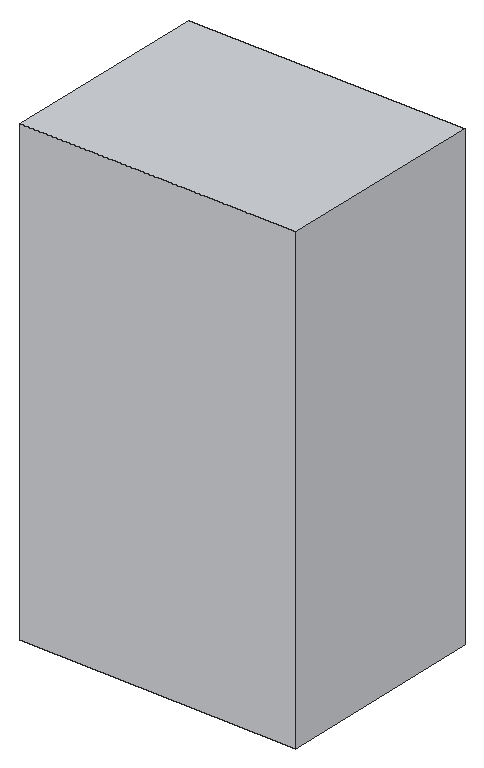
Revit family
Parameters
  Warranty Duration (Years) = 0
  URL = "http://www.americanspecialties.com/viewCategories.cfm"
  Hook [instance] = Metal - Chrome
  Test Data = ""
  Specification = "http://www.arcat.com/sdspecs/htm/10810asi.htm"
  SpecWizard = ""
  Send Message = "http://www.arcat.com/users.pl?action=UserEmail&company=American%20Specialties,%20Inc.&coid=30448&rep=139&fax=914-476-0688&mf="
  Sales Information = "http://www.americanspecialties.com/contact"
  Revision = "R1_10-2010"
  Product Properties = "http://www.americanspecialties.com/datasheets/0740-Z.pdf"
  Product Data = "http://www.arcat.com/arcatcos/cos30/arc30448.html"
  Model = "As Specified in 10 28 13"
  Manufacturer Website = "http://www.americanspecialties.com/viewCategories.cfm"
  Manufacturer Phone - Toll Free = ""
  Manufacturer Phone = "914-476-9000 "
  Manufacturer Fax = "914-476-0688"
  Manufacturer Address = "441 Saw Mill River Rd., Yonkers, NY 10701"
  Manufacturer = "American Specialties, Inc."
  Maintenance Schedule (Months) = 0
  Keynote = "10 28 13"
  Installation-Fabrication = "http://www.americanspecialties.com/products.cfm"
  Green Building-LEED = ""
  Expected Lifespan (Years) = 0
  Bracket [instance] = Metal - Chrome
  Drawn By = "Robert S. Weygant. CSI, CDT, SCIP"  # constant formula
  Description = "Toilet Accessory as Specified in 10 28 13"
  Default Elevation = 4' - 0"
  Copyright = "©Arcat Inc."
  Construction Details = "http://www.arcat.com/green/clients/leed_data_30448.html"
  Building Codes = "http://www.americanspecialties.com/products.cfm"
  Assembly Code = "C1030210"
Reference planes (in)
  plane 1 "Center (Front/Back)": y = -0.29112
  plane 2 "Floor Line": z = 0
  plane 3 "Center (Left/Right)": x = -0.65843
  plane 4: z = 0.3125
  plane 5: x = -1.72093
  plane 6: x = 0.40407
  plane 7: y = 0.42763
  plane 8: y = -1.00987
  plane 9: z = 0.8125
  plane 10: z = 2.125
  plane 11: x = -0.40843
  plane 12: x = -0.90843
Forms (in)
  Extrusion 1, solid
    sketch origin (-3, -9, -6) x (0, 0, -1) y (1, 0, 0)
      loop
        line (-82, 26) -> (-82, -19.34712) -> (-6, -19.34712) -> (-6, 26) -> (-82, 26)
    from 9 to -25.60721
  Extrusion 2, solid, material "Metal - Chrome" <- "Bracket"
    sketch origin (0, -0.29112, 0) x (1, 0, 0) y (0, 0, 1)
      loop
        line (-1.72093, 0) -> (0.40407, 0) -> (0.40407, 0.0625)
        arc (0.40407, 0.0625) -> (0.33084, 0.23928) -> (0.15407, 0.3125) r 0.25
        line (0.15407, 0.3125) -> (-1.47093, 0.3125)
        arc (-1.47093, 0.3125) -> (-1.64771, 0.23928) -> (-1.72093, 0.0625) r 0.25
        line (-1.72093, 0.0625) -> (-1.72093, 0)
    from -0.71875 to 0.71875
  Extrusion 3, solid, material "Metal - Chrome" <- "Hook"
    sketch origin (0, 0, 0) x (1, 0, 0) y (0, 1, 0)
      loop
        line (-0.90843, -1.00987) -> (-0.40843, -1.00987) -> (-0.40843, -0.75987) -> (-0.90843, -0.75987) -> (-0.90843, -1.00987)
    from 0.3125 to 0.8125
  Extrusion 4, solid, material "Metal - Chrome" <- "Hook"
    sketch origin (-0.65843, 0, 0.11076) x (0, 1, 0) y (0, 0, 1)
      loop
        line (-1.00987, 0.70174) -> (-0.75987, 0.70174) -> (-0.87051, 1.92044)
        arc (-0.87051, 1.92044) -> (-0.83362, 1.95479) -> (-0.78435, 1.9654) r 0.09489
        line (-0.78435, 1.9654) -> (-0.76666, 2.00168)
        arc (-0.76666, 2.00168) -> (-0.88565, 1.99669) -> (-0.94734, 1.89483) r 0.12601
        line (-0.94734, 1.89483) -> (-1.00987, 0.70174)
    from -0.25 to 0.25
  Extrusion 5, void
    sketch origin (0, -0.29112, 0) x (1, 0, 0) y (0, 0, 1)
      loop
        arc (-0.90843, 0.3125) -> (-0.84533, 0.55878) -> (-0.82924, 0.8125) r 1.35798
        line (-0.82924, 0.8125) -> (-0.75666, 2.19742) -> (-1.00666, 2.19742) -> (-1.00666, 0.3125) -> (-0.90843, 0.3125)
    from 0.46875 to 0.71875
  Extrusion 6, void
    sketch origin (-1.31687, -0.29112, 0) x (-1, 0, 0) y (0, 0, -1)
      loop
        line (-0.90843, -0.3125) -> (-1.00666, -0.3125) -> (-1.00666, -2.19742) -> (-0.75666, -2.19742) -> (-0.82924, -0.8125)
        arc (-0.82924, -0.8125) -> (-0.84533, -0.55878) -> (-0.90843, -0.3125) r 1.35798
    from 0.46875 to 0.71875
Cuts and joins
  Extrusion 5, Extrusion 6 cuts Extrusion 2
  Extrusion 5, Extrusion 6 cuts Extrusion 3
  Extrusion 5, Extrusion 6 cuts Extrusion 4
Dimensions and locks (in)
  aligned and locked: plane 5 to Extrusion 2 sketch curve
  aligned and locked: Extrusion 2 sketch curve to level
  aligned and locked: plane 6 to Extrusion 2 sketch curve
  aligned and locked: plane 4 to Extrusion 2
  aligned and locked: Extrusion 2 to plane 5
  aligned and locked: Extrusion 2 to plane 7
  aligned and locked: plane 8 to Extrusion 2
  aligned and locked: plane 9 to Extrusion 3
  aligned and locked: Extrusion 3 to plane 4
  aligned and locked: Extrusion 4 to Extrusion 3
  aligned and locked: Extrusion 3 to Extrusion 4
  aligned and locked: Extrusion 4 to plane 9
  aligned and locked: cut or joined group of Extrusion 3, Extrusion 5, Extrusion 6 to plane 11
  aligned and locked: cut or joined group of Extrusion 3, Extrusion 5, Extrusion 6 to plane 12
  aligned and locked: plane 8 to Extrusion 6
  aligned and locked: plane 8 to Extrusion 5
  aligned and locked: Extrusion 6 to cut or joined group of Extrusion 3, Extrusion 5, Extrusion 6
  aligned and locked: cut or joined group of Extrusion 3, Extrusion 5, Extrusion 6 to Extrusion 5
